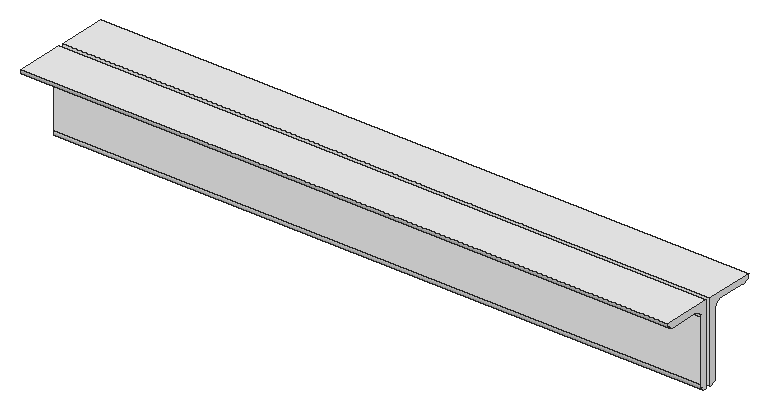
Revit family
Parameters (values of type "2L150X90X12")
  x = 39.3 mm
  k = 20.5 mm
  시작 확장 계산 [instance] = 3012.5 mm + 시작 확장  # 3000 mm
  시작 확장 [instance] = -12.5 mm
  끝 확장 계산 [instance] = 3012.5 mm + 끝 확장  # 3000 mm
  끝 확장 [instance] = -12.5 mm
  보 재료 [instance] = 금속 - 스틸 - 345 MPa
  A = 0.003 m²
  Length [instance] = 1500 mm
  W = 2.1084
  공간 = 10 mm
  b = 90 mm
  d = 150 mm
  t = 12 mm
  y = 20.1 mm
Reference planes
  plane 1 "중심(앞/뒤)": y = 0
  plane 2: z = 0
  plane 3 "중심(왼쪽/오른쪽)": x = 4.61
  plane 4 "왼쪽 부재": x = -604.99
  plane 5 "오른쪽 부재": x = 614.21
  plane 6: y = 95
  plane 7: y = -95
  plane 8 "상단": z = 20.1
  plane 9: z = -129.9
  plane 10: y = 5
  plane 11: y = -5
  plane 12 "왼쪽": x = -757.39
  plane 13 "오른쪽": x = 742.61
  plane 14: x = -604.99
  plane 15: x = 614.21
  plane 16: x = 2395.01
  plane 17: x = -2385.79
Forms (mm)
  Sweep 1, solid, material "금속 - 스틸 - 345 MPa" <- "보 재료", detail levels fine
    path origin (0, 0, 0) x (1, 0, 0) y (0, 1, 0)
      loop
        line (614.21, 0) -> (-604.99, 0)
    profile "M_2L-각도-프로파일-섬세 : M_2L-각도-프로파일-섬세" origin (4.61, 0, 0) x (0, -1, 0) y (0, 0, 1)
      loop
        arc (5, -129.9) -> (13.485, -126.385) -> (17, -117.9) r 12
        line (17, -117.9) -> (17, -3.9)
        arc (17, -3.9) -> (20.515, 4.585) -> (29, 8.1) r 12
        line (29, 8.1) -> (83, 8.1)
        arc (83, 8.1) -> (91.485, 11.615) -> (95, 20.1) r 12
        line (95, 20.1) -> (5, 20.1) -> (5, -129.9)
  Sweep 2, solid, material "금속 - 스틸 - 345 MPa" <- "보 재료", detail levels fine
    path origin (0, 0, 0) x (1, 0, 0) y (0, 1, 0)
      loop
        line (614.21, 0) -> (-604.99, 0)
    profile "M_2L-각도-프로파일-섬세 : M_2L-각도-프로파일-섬세" origin (4.61, 0, 0) x (0, -1, 0) y (0, 0, 1)
      loop
        line (-5, -129.9) -> (-5, 20.1) -> (-95, 20.1)
        arc (-95, 20.1) -> (-91.485, 11.615) -> (-83, 8.1) r 12
        line (-83, 8.1) -> (-29, 8.1)
        arc (-29, 8.1) -> (-20.515, 4.585) -> (-17, -3.9) r 12
        line (-17, -3.9) -> (-17, -117.9)
        arc (-17, -117.9) -> (-13.485, -126.385) -> (-5, -129.9) r 12
  Sweep 3, solid, material "금속 - 스틸 - 345 MPa" <- "보 재료", detail levels medium
    path origin (0, 0, 0) x (1, 0, 0) y (0, 1, 0)
      loop
        line (614.21, 0) -> (-604.99, 0)
    profile "M_2L-각도-프로파일-중간 : M_2L-각도-프로파일-중간" origin (4.61, 0, 0) x (0, -1, 0) y (0, 0, 1)
      loop
        line (5, -129.9) -> (17, -129.9) -> (17, 8.1) -> (95, 8.1) -> (95, 20.1) -> (5, 20.1) -> (5, -129.9)
  Sweep 4, solid, material "금속 - 스틸 - 345 MPa" <- "보 재료", detail levels medium
    path origin (0, 0, 0) x (1, 0, 0) y (0, 1, 0)
      loop
        line (614.21, 0) -> (-604.99, 0)
    profile "M_2L-각도-프로파일-중간 : M_2L-각도-프로파일-중간" origin (4.61, 0, 0) x (0, -1, 0) y (0, 0, 1)
      loop
        line (-5, -129.9) -> (-5, 20.1) -> (-95, 20.1) -> (-95, 8.1) -> (-17, 8.1) -> (-17, -129.9) -> (-5, -129.9)
Lines and regions (mm)
  symbolic lines, style "숨겨진 면", detail levels medium+fine
    curve 1: line (-604.99, 18, 0) -> (614.21, 18, 0)
    curve 2: line (-604.99, -18, 0) -> (614.21, -18, 0)
  symbolic lines, style "기호 부착", detail levels coarse
    curve 3: line (4.61, 95, 20.1) -> (4.61, 5, 20.1)
    curve 4: line (4.61, -5, 20.1) -> (4.61, -95, 20.1)
    curve 5: line (4.61, -5, -129.9) -> (4.61, -5, 20.1)
    curve 6: line (4.61, 5, 20.1) -> (4.61, 5, -129.9)
Dimensions and locks
  "d": plane 9 to plane 8 "상단"
  "y": plane 8 "상단" to plane 2
  equal spacing: plane 10, plane 1 "중심(앞/뒤)", plane 11
  "b": plane 11 to plane 7
  "b": plane 6 to plane 10
  "공간": plane 10 to plane 11
  "Length": plane 12 "왼쪽" to plane 13 "오른쪽"
  locked: plane 4 "왼쪽 부재" to plane 16 at 3000
  locked: plane 17 to plane 5 "오른쪽 부재" at 3000
  "끝 확장 계산": plane 17 to plane 15
  "시작 확장 계산": plane 14 to plane 16
  aligned and locked: Sweep 1 sketch curve to plane 1 "중심(앞/뒤)"
  aligned and locked: Sweep 2 sketch curve to plane 1 "중심(앞/뒤)"
  aligned and locked: Sweep 3 sketch curve to plane 1 "중심(앞/뒤)"
  aligned and locked: Sweep 4 sketch curve to plane 1 "중심(앞/뒤)"
  aligned and locked: Sweep 4 to curve 3
  aligned and locked: curve 4 to Sweep 3
  aligned and locked: Sweep 3 to curve 5
  aligned and locked: curve 6 to Sweep 4
  aligned and locked: curve 3 to Sweep 4
  aligned and locked: Sweep 3 to curve 4
  aligned and locked: curve 5 to Sweep 3
  aligned and locked: Sweep 4 to curve 6
  aligned and locked: plane 14 to Sweep 4 sketch curve
  aligned and locked: plane 15 to Sweep 4 sketch curve
  aligned and locked: plane 14 to Sweep 2 sketch curve
  aligned and locked: plane 15 to Sweep 2 sketch curve
  aligned and locked: plane 14 to Sweep 3 sketch curve
  aligned and locked: plane 15 to Sweep 3 sketch curve
  aligned and locked: plane 14 to Sweep 1 sketch curve
  aligned and locked: plane 15 to Sweep 1 sketch curve
  aligned and locked: plane 14 to curve 2
  aligned and locked: plane 14 to curve 1
  aligned and locked: plane 15 to curve 1
  aligned and locked: plane 15 to curve 2
Automatic sketch dimensions
  curve 2 to plane 11 = 13 mm
  plane 10 to curve 1 = 13 mm
